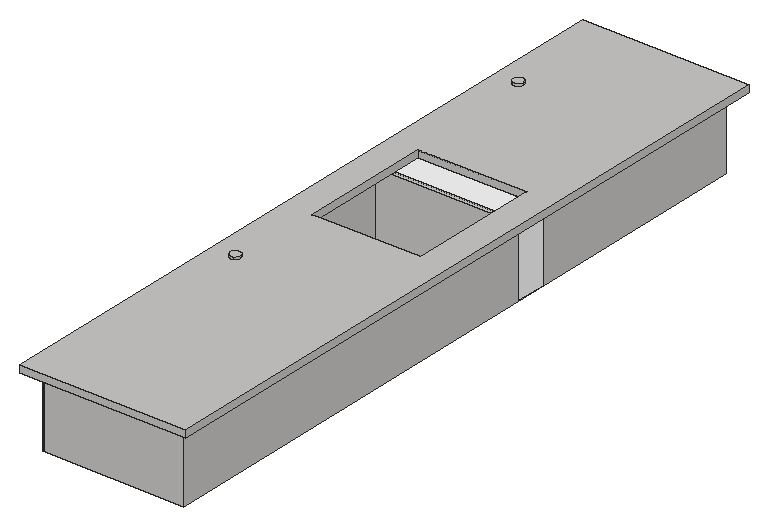
Revit family "rba-bim-B3803", category Specialty Equipment, host Face, Revit 2018
Family settings
  Host = Face
  Round Connector Dimension = Use Diameter
  Part Type = Normal
  OmniClass Number = 23.40.20.21.17
  OmniClass Title = Paper Towel Dispensers, Disposal Units
  Cut with Voids When Loaded = No
  Shared = Yes
  Room Calculation Point = No
Parameters (values of type "B-3803")
  URL = "www.rba.com.au"
  Type Comments = "Satin Finish"
  Product Page URL = ""
  Product Name = "Recessed Paper Towel Dispenser And Waste Receptacle - TrimLineSeries"
  Modified Issue = "20210813.01"
  Model = "B-3803"
  Materials and Finishes = Stainless Steel Satin Finish
  Manufacturer = "RBA Group"  # constant formula
  Description = "Recessed Paper Towel Dispenser and Waste Receptacle"
  Default Elevation = 1.2192 m
  Copyright by = "RBA Group"  # constant formula
  Assembly Code = "C1030200"
  ADA Compliant = yes
Reference planes (m)
  plane 1 "Center (Front/Back)": y = 0
  plane 2: z = 0
  plane 3 "Center (Left/Right)": x = 0
  plane 4: x = -0.1651
  plane 5: x = 0.1651
  plane 6: y = 0.700087
  plane 7: y = -0.700088
  plane 8: x = 0.140494
  plane 9: x = -0.140494
  plane 10: y = 0.675481
  plane 11: y = -0.675481
  plane 12: y = -0.22225
  plane 13: y = -0.04445
  plane 14: y = 0.150812
  plane 15 "Center": y = 0.160337
  plane 16: y = 0.206375
  plane 17: y = 0.219075
  plane 18: y = 0.4826
  plane 19: x = -0.119062
  plane 20: x = 0.10795
  plane 21: x = -0.10795
  plane 22: z = -0.142875
  plane 23: z = 0.014287
  plane 24: z = -0.141288
  plane 25: z = 0.017462
Forms (m)
  Extrusion 1, void
    sketch origin (0, 0, 0) x (1, 0, 0) y (0, 1, 0)
      loop
        line (-0.140494, 0.675481) -> (-0.140494, -0.675481) -> (0.140494, -0.675481) -> (0.140494, 0.675481) -> (-0.140494, 0.675481)
    from -0.142875 to 0
  Extrusion 2, solid, material "Stainless Steel Satin Finish" <- "Materials and Finishes"
    sketch origin (0, 0, 0) x (1, 0, 0) y (0, 1, 0)
      loop
        line (-0.140494, 0.675481) -> (-0.140494, -0.675481) -> (0.140494, -0.675481) -> (0.140494, 0.675481) -> (-0.140494, 0.675481)
      loop
        line (-0.138906, 0.673894) -> (-0.138906, -0.673894) -> (0.138906, -0.673894) -> (0.138906, 0.673894) -> (-0.138906, 0.673894)
    from -0.142875 to 0
  Extrusion 3, solid, material "Stainless Steel Satin Finish" <- "Materials and Finishes"
    sketch origin (0, 0, 0) x (1, 0, 0) y (0, 1, 0)
      loop
        line (-0.140494, 0.675481) -> (-0.140494, -0.675481) -> (0.140494, -0.675481) -> (0.140494, 0.675481) -> (-0.140494, 0.675481)
    from -0.142875 to -0.141288
  Extrusion 4, solid, material "Stainless Steel Satin Finish" <- "Materials and Finishes"
    sketch origin (0, 0, 0) x (1, 0, 0) y (0, 1, 0)
      loop
        line (-0.1651, 0.700087) -> (-0.1651, -0.700088) -> (0.1651, -0.700088) -> (0.1651, 0.700087) -> (-0.1651, 0.700087)
      loop
        line (-0.10795, 0.219075) -> (-0.10795, -0.04445) -> (0.10795, -0.04445) -> (0.10795, 0.219075) -> (-0.10795, 0.219075)
    from 0 to 0.014287
  Extrusion 5, solid, material "Stainless Steel Satin Finish" <- "Materials and Finishes"
    sketch origin (0, 0, 0) x (1, 0, 0) y (0, 1, 0)
      loop
        line (-0.140494, 0.160337) -> (-0.140494, 0.150812) -> (0.140494, 0.150812) -> (0.140494, 0.160337) -> (-0.140494, 0.160337)
    from -0.141288 to 0
  Extrusion 6, solid, material "Paper Towel - Bobrick", detail levels fine
    sketch origin (0, 0, 0) x (1, 0, 0) y (0, 1, 0)
      loop
        line (-0.140494, 0.219075) -> (-0.140494, 0.160337) -> (0.140494, 0.160337) -> (0.140494, 0.219075) -> (-0.140494, 0.219075)
    from -0.141288 to 0
  Extrusion 7, solid, material "Stainless Steel Satin Finish" <- "Materials and Finishes", detail levels fine
    sketch origin (0, 0, 0) x (1, 0, 0) y (0, 1, 0)
      loop
        circle (-0.119062, -0.22225) r 0.010319
    from 0.014287 to 0.017462
  Extrusion 8, solid, material "Stainless Steel Satin Finish" <- "Materials and Finishes", detail levels fine
    sketch origin (0, 0.70485, 0) x (1, 0, 0) y (0, 1, 0)
      loop
        circle (-0.119062, -0.22225) r 0.010319
    from 0.014287 to 0.017462
Cuts and joins
  joined: Extrusion 2, Extrusion 3, Extrusion 5
Lines and regions (m)
  Split face 1
    outline origin (0, 0, 0) x (1, 0, 0) y (0, 1, 0)
      loop
        line (-0.140494, 0.179387) -> (-0.077787, 0.179387)
        arc (-0.077787, 0.179387) -> (0, 0.206375) -> (0.077788, 0.179387) r 0.125599
        line (0.077788, 0.179387) -> (0.140494, 0.179387)
  Masking region 1
    outline origin (0, 0, 0.017462) x (1, 0, 0) y (0, 1, 0)
      loop
        line (-0.1651, 0.700087) -> (-0.1651, -0.700088) -> (0.1651, -0.700088) -> (0.1651, 0.700087) -> (-0.1651, 0.700087)
  Masking region 2
    outline origin (0, 0, 0) x (1, 0, 0) y (0, 0, 1)
      loop
        line (-0.1651, 0) -> (0.1651, 0) -> (0.1651, 0.014287) -> (-0.1651, 0.014287) -> (-0.1651, 0)
  Masking region 3, detail levels fine
    outline origin (0, 0, 0) x (1, 0, 0) y (0, 0, 1)
      loop
        line (-0.129381, 0.014287) -> (-0.108744, 0.014287) -> (-0.108744, 0.017462) -> (-0.129381, 0.017462) -> (-0.129381, 0.014287)
  Masking region 4
    outline origin (0, 0, 0) x (0, 1, 0) y (0, 0, 1)
      loop
        line (0.700087, 0) -> (0.700087, 0.014287) -> (-0.700088, 0.014287) -> (-0.700088, 0) -> (0.700087, 0)
  Masking region 5, detail levels fine
    outline origin (0, 0, 0) x (0, 1, 0) y (0, 0, 1)
      loop
        line (0.492919, 0.014287) -> (0.492919, 0.017462) -> (0.472281, 0.017462) -> (0.472281, 0.014287) -> (0.492919, 0.014287)
  Masking region 6, detail levels fine
    outline origin (0, 0, 0) x (0, 1, 0) y (0, 0, 1)
      loop
        line (-0.211931, 0.014287) -> (-0.211931, 0.017462) -> (-0.232569, 0.017462) -> (-0.232569, 0.014287) -> (-0.211931, 0.014287)
  model lines, detail levels fine
    curve 1: spline (-0.119062, -0.2286, 0.017462) -> (-0.119364, -0.228384, 0.017462) -> (-0.119645, -0.227749, 0.017462) -> (-0.119886, -0.22674, 0.017462) -> (-0.120071, -0.225425, 0.017462) -> (-0.120188, -0.223894, 0.017462) -> (-0.120227, -0.22225, 0.017462) -> (-0.120188, -0.220606, 0.017462) -> (-0.120071, -0.219075, 0.017462) -> (-0.119886, -0.21776, 0.017462) -> (-0.119645, -0.216751, 0.017462) -> (-0.119364, -0.216116, 0.017462) -> (-0.119062, -0.2159, 0.017462) -> (-0.118761, -0.216116, 0.017462) -> (-0.11848, -0.216751, 0.017462) -> (-0.118239, -0.21776, 0.017462) -> (-0.118054, -0.219075, 0.017462) -> (-0.117937, -0.220606, 0.017462) -> (-0.117898, -0.22225, 0.017462) -> (-0.117937, -0.223894, 0.017462) -> (-0.118054, -0.225425, 0.017462) -> (-0.118239, -0.22674, 0.017462) -> (-0.11848, -0.227749, 0.017462) -> (-0.118761, -0.228384, 0.017462) -> (-0.119062, -0.2286, 0.017462)
    curve 2: spline (-0.119062, 0.47625, 0.017462) -> (-0.119364, 0.476466, 0.017462) -> (-0.119645, 0.477101, 0.017462) -> (-0.119886, 0.47811, 0.017462) -> (-0.120071, 0.479425, 0.017462) -> (-0.120188, 0.480956, 0.017462) -> (-0.120227, 0.4826, 0.017462) -> (-0.120188, 0.484244, 0.017462) -> (-0.120071, 0.485775, 0.017462) -> (-0.119886, 0.48709, 0.017462) -> (-0.119645, 0.488099, 0.017462) -> (-0.119364, 0.488734, 0.017462) -> (-0.119062, 0.48895, 0.017462) -> (-0.118761, 0.488734, 0.017462) -> (-0.11848, 0.488099, 0.017462) -> (-0.118239, 0.48709, 0.017462) -> (-0.118054, 0.485775, 0.017462) -> (-0.117937, 0.484244, 0.017462) -> (-0.117898, 0.4826, 0.017462) -> (-0.117937, 0.480956, 0.017462) -> (-0.118054, 0.479425, 0.017462) -> (-0.118239, 0.47811, 0.017462) -> (-0.11848, 0.477101, 0.017462) -> (-0.118761, 0.476466, 0.017462) -> (-0.119062, 0.47625, 0.017462)
  symbolic lines, style "Paper Towel Dispenser", detail levels medium+fine
    curve 3: line (-0.10795, 0.219075, 0.017462) -> (0.10795, 0.219075, 0.017462)
    curve 4: line (-0.10795, -0.04445, 0.017462) -> (-0.10795, 0.219075, 0.017462)
    curve 5: line (0.10795, -0.04445, 0.017462) -> (-0.10795, -0.04445, 0.017462)
    curve 6: line (0.10795, 0.219075, 0.017462) -> (0.10795, -0.04445, 0.017462)
  symbolic lines, style "Paper Towel Dispenser", detail levels fine
    curve 7: line (-0.10795, 0.179387, 0.017462) -> (-0.077787, 0.179387, 0.017462)
    curve 8: arc (-0.077787, 0.179387, 0.017462) -> (0, 0.206375, 0.017462) -> (0.077788, 0.179387, 0.017462) r 0.125599
    curve 9: line (0.077788, 0.179387, 0.017462) -> (0.10795, 0.179387, 0.017462)
    curve 10: line (-0.10795, 0.160337, 0.017462) -> (0.10795, 0.160337, 0.017462)
    curve 11: line (-0.10795, 0.150812, 0.017462) -> (0.10795, 0.150812, 0.017462)
    curve 12: arc (-0.108744, 0.4826, 0.017462) -> (-0.119062, 0.492919, 0.017462) -> (-0.129381, 0.4826, 0.017462) r 0.010319
    curve 13: arc (-0.129381, 0.4826, 0.017462) -> (-0.119062, 0.472281, 0.017462) -> (-0.108744, 0.4826, 0.017462) r 0.010319
    curve 14: spline (-0.119062, 0.47625, 0.017462) -> (-0.119364, 0.476466, 0.017462) -> (-0.119645, 0.477101, 0.017462) -> (-0.119886, 0.47811, 0.017462) -> (-0.120071, 0.479425, 0.017462) -> (-0.120188, 0.480956, 0.017462) -> (-0.120227, 0.4826, 0.017462) -> (-0.120188, 0.484244, 0.017462) -> (-0.120071, 0.485775, 0.017462) -> (-0.119886, 0.48709, 0.017462) -> (-0.119645, 0.488099, 0.017462) -> (-0.119364, 0.488734, 0.017462) -> (-0.119062, 0.48895, 0.017462) -> (-0.118761, 0.488734, 0.017462) -> (-0.11848, 0.488099, 0.017462) -> (-0.118239, 0.48709, 0.017462) -> (-0.118054, 0.485775, 0.017462) -> (-0.117937, 0.484244, 0.017462) -> (-0.117898, 0.4826, 0.017462) -> (-0.117937, 0.480956, 0.017462) -> (-0.118054, 0.479425, 0.017462) -> (-0.118239, 0.47811, 0.017462) -> (-0.11848, 0.477101, 0.017462) -> (-0.118761, 0.476466, 0.017462) -> (-0.119062, 0.47625, 0.017462)
    curve 15: arc (-0.108744, -0.22225, 0.017462) -> (-0.119062, -0.211931, 0.017462) -> (-0.129381, -0.22225, 0.017462) r 0.010319
    curve 16: arc (-0.129381, -0.22225, 0.017462) -> (-0.119062, -0.232569, 0.017462) -> (-0.108744, -0.22225, 0.017462) r 0.010319
    curve 17: spline (-0.119062, -0.2286, 0.017462) -> (-0.119364, -0.228384, 0.017462) -> (-0.119645, -0.227749, 0.017462) -> (-0.119886, -0.22674, 0.017462) -> (-0.120071, -0.225425, 0.017462) -> (-0.120188, -0.223894, 0.017462) -> (-0.120227, -0.22225, 0.017462) -> (-0.120188, -0.220606, 0.017462) -> (-0.120071, -0.219075, 0.017462) -> (-0.119886, -0.21776, 0.017462) -> (-0.119645, -0.216751, 0.017462) -> (-0.119364, -0.216116, 0.017462) -> (-0.119062, -0.2159, 0.017462) -> (-0.118761, -0.216116, 0.017462) -> (-0.11848, -0.216751, 0.017462) -> (-0.118239, -0.21776, 0.017462) -> (-0.118054, -0.219075, 0.017462) -> (-0.117937, -0.220606, 0.017462) -> (-0.117898, -0.22225, 0.017462) -> (-0.117937, -0.223894, 0.017462) -> (-0.118054, -0.225425, 0.017462) -> (-0.118239, -0.22674, 0.017462) -> (-0.11848, -0.227749, 0.017462) -> (-0.118761, -0.228384, 0.017462) -> (-0.119062, -0.2286, 0.017462)
Dimensions and locks (m)
  equal spacing: plane 4, plane 3 "Center (Left/Right)", plane 5
  locked: plane 4 to plane 5 at 0.3302
  equal spacing: plane 6, plane 1 "Center (Front/Back)", plane 7
  locked: plane 6 to plane 7 at 1.400175
  equal spacing: plane 9, plane 3 "Center (Left/Right)", plane 8
  plane 9 to plane 8 = 0.280987 m
  locked: plane 6 to plane 10 at 0.024606
  locked: plane 7 to plane 11 at 0.024606
  locked: plane 7 to plane 12 at 0.477838
  locked: plane 7 to plane 13 at 0.655638
  locked: plane 13 to plane 14 at 0.195263
  locked: plane 14 to plane 15 "Center" at 0.009525
  locked: plane 15 "Center" to plane 16 at 0.046037
  locked: plane 16 to plane 17 at 0.0127
  locked: plane 6 to plane 18 at 0.217487
  plane 4 to plane 19 = 0.046037 m
  locked: plane 4 to plane 21 at 0.05715
  locked: plane 20 to plane 5 at 0.05715
  locked: plane 2 to plane 22 at 0.142875
  locked: plane 23 to plane 2 at 0.014288
  locked: Extrusion 2 sketch curve to Extrusion 2 sketch curve at 0.001587  (x2)
  locked: Extrusion 2 sketch curve to Extrusion 2 sketch curve at 0.001588  (x2)
  locked: plane 24 to plane 22 at 0.001588
  Extrusion 6 to Split face 1 sketch curve = 0.01905 m
  locked: plane 25 to plane 23 at 0.003175
  aligned and locked: host face to plane 2
  aligned and locked: level to host face
  aligned and locked: Extrusion 1 sketch curve to plane 10
  aligned and locked: plane 9 to Extrusion 1 sketch curve
  aligned and locked: Extrusion 1 sketch curve to plane 11
  aligned and locked: plane 8 to Extrusion 1 sketch curve
  aligned and locked: Extrusion 1 to plane 22
  aligned and locked: plane 2 to Extrusion 1
  aligned and locked: Extrusion 2 sketch curve to plane 10
  aligned and locked: plane 9 to Extrusion 2 sketch curve
  aligned and locked: Extrusion 2 sketch curve to plane 11
  aligned and locked: plane 8 to Extrusion 2 sketch curve
  aligned and locked: Extrusion 2 to plane 22
  aligned and locked: plane 2 to Extrusion 2
  aligned and locked: Extrusion 3 sketch curve to Extrusion 2  (x4)
  aligned and locked: Extrusion 3 to plane 22
  aligned and locked: plane 24 to Extrusion 3
  aligned and locked: Extrusion 4 sketch curve to plane 6
  aligned and locked: plane 4 to Extrusion 4 sketch curve
  aligned and locked: Extrusion 4 sketch curve to plane 7
  aligned and locked: plane 5 to Extrusion 4 sketch curve
  aligned and locked: plane 17 to Extrusion 4 sketch curve
  aligned and locked: plane 21 to Extrusion 4 sketch curve
  aligned and locked: Extrusion 4 sketch curve to plane 13
  aligned and locked: plane 20 to Extrusion 4 sketch curve
  aligned and locked: Extrusion 4 to plane 2
  aligned and locked: plane 23 to Extrusion 4
  aligned and locked: plane 15 "Center" to Extrusion 5 sketch curve
  aligned and locked: plane 9 to Extrusion 5 sketch curve
  aligned and locked: Extrusion 5 sketch curve to plane 14
  aligned and locked: plane 8 to Extrusion 5 sketch curve
  aligned and locked: Extrusion 5 to plane 24
  aligned and locked: plane 2 to Extrusion 5
  aligned and locked: plane 17 to Extrusion 6 sketch curve
  aligned and locked: Extrusion 6 sketch curve to plane 15 "Center"
  aligned and locked: Extrusion 6 to plane 24
  aligned and locked: plane 2 to Extrusion 6
  aligned and locked: Extrusion 7 to plane 23
  aligned and locked: plane 25 to Extrusion 7
  aligned and locked: Masking region 1 sketch curve to Extrusion 4  (x4)
  aligned and locked: curve 3 to Extrusion 4
  aligned and locked: curve 4 to Extrusion 4
  aligned and locked: curve 5 to Extrusion 4
  aligned and locked: curve 6 to Extrusion 4
  aligned and locked: Split face 1 to curve 7
  aligned and locked: curve 8 to Split face 1
  aligned and locked: curve 9 to Split face 1
  aligned and locked: plane 15 "Center" to curve 10
  aligned and locked: plane 14 to curve 11
  aligned and locked: curve 12 to Extrusion 8
  aligned and locked: curve 13 to Extrusion 8
  aligned and locked: curve 15 to Extrusion 7
  aligned and locked: curve 16 to Extrusion 7
  aligned and locked: Masking region 2 sketch curve to Extrusion 4  (x4)
  aligned and locked: Masking region 3 sketch curve to Extrusion 7  (x4)
  aligned and locked: Masking region 4 sketch curve to Extrusion 4  (x4)
  aligned and locked: Masking region 5 sketch curve to Extrusion 8  (x2)
  aligned and locked: Masking region 6 sketch curve to Extrusion 7  (x2)
Automatic sketch dimensions
  host sketch curve to host sketch curve = 2.4384 m  (x2)
  Extrusion 6 sketch curve to plane 9 = 0.000 m
  Extrusion 6 sketch curve to plane 8 = 0.000 m
  plane 12 to Extrusion 7 sketch curve = 0.000 m
  Extrusion 7 sketch curve to plane 19 = 0.000 m
  plane 18 to Extrusion 8 sketch curve = 0.000 m
  Extrusion 8 sketch curve to plane 19 = 0.000 m
  curve 2 to curve 2 = 0.00635 m
  Split face 1 sketch curve to Extrusion 6 = 0.000 m  (x2)
  Split face 1 sketch curve to Extrusion 6 = 0.062706 m  (x2)
  Extrusion 6 to Split face 1 sketch curve = 0.079562 m
  Split face 1 sketch curve to Split face 1 sketch curve = 0.077788 m
  curve 1 to curve 15 = 0.000 m  (x2)
  curve 14 to curve 12 = 0.000 m  (x2)
  curve 17 to curve 15 = 0.000 m  (x2)
  curve 17 to curve 17 = 0.00635 m
  curve 1 to curve 17 = 0.000 m
  curve 14 to curve 12 = 0.00635 m
  plane 18 to Masking region 5 sketch curve = 0.010319 m
  Masking region 5 sketch curve to plane 18 = 0.010319 m
  plane 12 to Masking region 6 sketch curve = 0.010319 m
  Masking region 6 sketch curve to plane 12 = 0.010319 m
  radius of Extrusion 7 sketch curve = 0.010319 m
  radius of Extrusion 8 sketch curve = 0.010319 m
